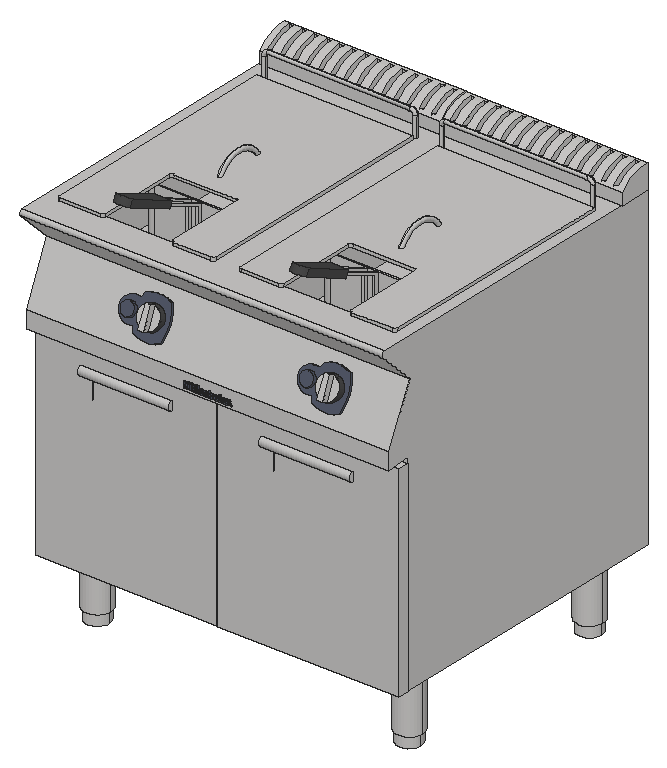
Revit family "QF_ELECTROLUXPROFESSIONAL_371421_E7KKETBAMEI", category Attrezzature speciali, Revit 2018 (continued)
Automatic sketch dimensions
  curve 179 to curve 180 = 0 mm
  curve 180 to curve 181 = 0 mm
  curve 181 to curve 182 = 0 mm
  curve 182 to curve 183 = 0 mm
  plane 1 "BACK" to curve 184 = 63.911 mm
  curve 171 to curve 185 = 0 mm
  curve 186 to curve 184 = 0 mm
  curve 187 to curve 186 = 0 mm
  curve 188 to curve 187 = 0 mm
  curve 189 to curve 188 = 0 mm
  curve 190 to curve 189 = 0 mm
  curve 191 to curve 190 = 0 mm
  curve 192 to curve 191 = 0 mm
  curve 193 to curve 192 = 0 mm
  curve 194 to curve 193 = 0 mm
  curve 195 to curve 194 = 0 mm
  curve 196 to curve 195 = 0 mm
  curve 197 to curve 196 = 0 mm
  Extrusion 1 sketch curve to plane 10 "TOP A" = 0 mm
  Extrusion 1 sketch curve to plane 9 "BASE" = 0 mm
  Extrusion 1 sketch curve to plane 14 = 0 mm  (x2)
  Extrusion 1 sketch curve to plane 1 "BACK" = 0 mm
  plane 11 to Extrusion 1 sketch curve = 59.531 mm
  plane 9 "BASE" to Extrusion 1 sketch curve = 12.7 mm
  plane 11 to Extrusion 1 sketch curve = 62.516 mm
  Extrusion 1 sketch curve to Extrusion 1 sketch curve = 1.588 mm
  Extrusion 1 sketch curve to Extrusion 1 sketch curve = 25.4 mm
  Extrusion 1 sketch curve to plane 5 "FRONT" = 16.478 mm
  Extrusion 1 sketch curve to plane 5 "FRONT" = 4.973 mm
  Extrusion 1 sketch curve to plane 5 "FRONT" = 0.483 mm
  plane 9 "BASE" to Extrusion 1 sketch curve = 7.09 mm
  Extrusion 1 sketch curve to Extrusion 1 sketch curve = 38.1 mm
  Extrusion 1 sketch curve to plane 10 "TOP A" = 83.191 mm
  Extrusion 1 sketch curve to plane 10 "TOP A" = 10.84 mm
  Extrusion 2 sketch curve to plane 10 "TOP A" = 0 mm
  Extrusion 2 sketch curve to plane 1 "BACK" = 0 mm
  Extrusion 2 sketch curve to plane 6 "TOP" = 0 mm
  plane 1 "BACK" to Extrusion 2 sketch curve = 1.769 mm
  plane 10 "TOP A" to Extrusion 2 sketch curve = 25.4 mm
  plane 1 "BACK" to Extrusion 2 sketch curve = 69.85 mm
  plane 12 to Extrusion 3 sketch curve = 0.124 mm  (x2)
  Extrusion 3 sketch curve to plane 4 "RIGHT" = 33.338 mm
  plane 7 "Center Y" to Extrusion 3 sketch curve = 26.988 mm
  Extrusion 3 sketch curve to plane 7 "Center Y" = 26.988 mm
  plane 3 "LEFT" to Extrusion 3 sketch curve = 33.338 mm
  plane 11 to Extrusion 3 sketch curve = 57.877 mm
  Extrusion 3 sketch curve to Extrusion 3 sketch curve = 0 mm
  plane 1 "BACK" to Extrusion 4 sketch curve = 6.761 mm
  plane 3 "LEFT" to Extrusion 4 sketch curve = 22.749 mm
  Extrusion 4 sketch curve to Extrusion 4 sketch curve = 9.296 mm
  Extrusion 4 sketch curve to Extrusion 4 sketch curve = 57.15 mm
  plane 1 "BACK" to Extrusion 5 sketch curve = 0 mm
  Extrusion 5 sketch curve to plane 3 "LEFT" = 0 mm
  Extrusion 5 sketch curve to plane 4 "RIGHT" = 0 mm
  Extrusion 5 sketch curve to plane 3 "LEFT" = 150.019 mm
  plane 5 "FRONT" to Extrusion 5 sketch curve = 1.377 mm  (x2)
  plane 4 "RIGHT" to Extrusion 5 sketch curve = 150.019 mm
  Extrusion 5 sketch curve to plane 1 "BACK" = 150.019 mm
  curve 168 to plane 4 "RIGHT" = 0 mm
  curve 7 to plane 4 "RIGHT" = 0 mm
  plane 5 "FRONT" to curve 169 = 0 mm
  plane 1 "BACK" to curve 163 = 0 mm
  curve 6 to plane 3 "LEFT" = 0 mm
  curve 166 to plane 3 "LEFT" = 0 mm
  plane 4 "RIGHT" to curve 3 = 150.019 mm
  curve 122 to curve 121 = 9.296 mm
  curve 56 to plane 4 "RIGHT" = 26.987 mm
  curve 44 to curve 44 = 6.35 mm
  curve 43 to curve 78 = 10.61 mm
  plane 1 "BACK" to curve 129 = 6.761 mm
  curve 121 to curve 129 = 18.547 mm
  curve 128 to curve 127 = 9.296 mm
  curve 127 to curve 131 = 18.547 mm
  curve 169 to plane 4 "RIGHT" = 74.24 mm
  curve 131 to curve 132 = 9.296 mm
  curve 130 to curve 134 = 18.547 mm
  curve 169 to curve 46 = 47.997 mm
  curve 48 to plane 4 "RIGHT" = 128.587 mm
  curve 47 to curve 48 = 6.35 mm
  plane 1 "BACK" to curve 140 = 6.761 mm
  curve 136 to curve 140 = 18.547 mm
  curve 140 to curve 139 = 9.296 mm
  curve 47 to curve 67 = 54.879 mm
  curve 60 to curve 67 = 0 mm
  curve 60 to curve 67 = 3.442 mm
  curve 143 to curve 142 = 9.296 mm
  curve 58 to curve 64 = 4.079 mm
  curve 48 to curve 68 = 60.633 mm
  curve 64 to curve 63 = 5.857 mm
  curve 68 to curve 70 = 4.449 mm
  curve 67 to curve 60 = 18.617 mm
  curve 67 to curve 60 = 0 mm
  curve 63 to curve 66 = 17.363 mm
  curve 146 to curve 147 = 9.296 mm
  curve 66 to curve 65 = 5.857 mm
  curve 61 to curve 62 = 37.235 mm
  plane 1 "BACK" to curve 150 = 6.761 mm
  curve 145 to curve 150 = 18.547 mm
  curve 149 to curve 148 = 9.296 mm
  curve 65 to curve 50 = 51.399 mm
  curve 152 to curve 151 = 9.296 mm
  curve 62 to curve 62 = 53.67 mm
  curve 51 to curve 53 = 6.35 mm
  plane 1 "BACK" to curve 156 = 6.761 mm
  curve 151 to curve 156 = 18.547 mm
  curve 155 to curve 156 = 9.296 mm
  curve 158 to curve 159 = 9.296 mm
  plane 7 "Center Y" to curve 169 = 54.971 mm
  curve 157 to curve 161 = 18.547 mm
  curve 161 to curve 160 = 9.296 mm
  plane 7 "Center Y" to curve 53 = 33.338 mm
  plane 7 "Center Y" to curve 79 = 28.891 mm
  curve 54 to curve 54 = 6.35 mm
  curve 160 to curve 125 = 18.547 mm
  curve 125 to curve 124 = 9.296 mm
  plane 7 "Center Y" to curve 168 = 3.9 mm
  plane 7 "Center Y" to curve 163 = 1.588 mm
  curve 164 to plane 7 "Center Y" = 1.587 mm
  curve 166 to plane 7 "Center Y" = 3.9 mm
  plane 1 "BACK" to curve 82 = 6.761 mm
  curve 164 to curve 82 = 13.764 mm
  curve 24 to plane 7 "Center Y" = 26.988 mm
  curve 23 to curve 77 = 1.903 mm
  curve 22 to curve 22 = 6.35 mm
  curve 83 to curve 118 = 18.547 mm
  curve 118 to curve 120 = 9.296 mm
  curve 167 to plane 7 "Center Y" = 54.971 mm
  curve 116 to curve 112 = 18.547 mm
  curve 112 to curve 113 = 9.296 mm
  curve 22 to curve 20 = 82.55 mm
  curve 18 to plane 7 "Center Y" = 122.238 mm
  plane 1 "BACK" to curve 109 = 6.761 mm
  curve 113 to curve 109 = 18.547 mm
  curve 18 to curve 17 = 6.35 mm
  curve 109 to curve 110 = 9.296 mm
  plane 1 "BACK" to curve 108 = 6.761 mm
  curve 110 to curve 108 = 18.547 mm
  curve 106 to curve 107 = 9.296 mm
  curve 27 to plane 11 = 5.711 mm
  curve 19 to curve 27 = 53.67 mm
  curve 26 to curve 34 = 4.079 mm
  curve 107 to curve 103 = 18.547 mm
  curve 34 to curve 35 = 5.857 mm
  curve 103 to curve 104 = 9.296 mm
  curve 36 to curve 36 = 18.617 mm
  curve 29 to curve 36 = 0 mm
  plane 8 "Center X" to curve 38 = 38.031 mm
  curve 18 to curve 38 = 66.994 mm
  curve 40 to curve 40 = 4.449 mm
  curve 35 to curve 32 = 17.363 mm
  curve 32 to curve 33 = 5.857 mm
  plane 1 "BACK" to curve 102 = 6.761 mm
  curve 104 to curve 102 = 18.547 mm
  curve 33 to curve 28 = 4.079 mm
  curve 36 to curve 36 = 3.442 mm
  curve 36 to curve 29 = 3.442 mm
  curve 100 to curve 101 = 9.296 mm
  curve 101 to curve 97 = 18.547 mm
  curve 97 to curve 99 = 9.296 mm
  curve 33 to curve 17 = 56.049 mm
  plane 1 "BACK" to curve 94 = 6.761 mm
  curve 98 to curve 94 = 18.547 mm
  curve 16 to curve 15 = 6.35 mm
  curve 94 to curve 95 = 9.296 mm
  curve 15 to curve 14 = 6.35 mm
  curve 95 to curve 91 = 18.547 mm
  plane 1 "BACK" to curve 88 = 6.761 mm
  curve 92 to curve 88 = 18.547 mm
  curve 167 to curve 5 = 74.24 mm
  curve 88 to curve 90 = 9.296 mm
  plane 3 "LEFT" to curve 75 = 37.598 mm
  plane 3 "LEFT" to curve 12 = 33.338 mm
  curve 75 to curve 11 = 10.61 mm
  curve 8 to curve 9 = 9.296 mm
  plane 5 "FRONT" to curve 1 = 1.377 mm
  curve 1 to plane 3 "LEFT" = 150.019 mm
  curve 1 to plane 1 "BACK" = 150.019 mm
  plane 1 "BACK" to curve 162 = 6.761 mm
  plane 1 "BACK" to curve 98 = 6.761 mm
  plane 1 "BACK" to curve 8 = 6.761 mm
  plane 1 "BACK" to curve 93 = 6.761 mm
  plane 1 "BACK" to curve 159 = 6.761 mm
  plane 1 "BACK" to curve 87 = 6.761 mm
  plane 1 "BACK" to curve 153 = 6.761 mm
  plane 1 "BACK" to curve 147 = 6.761 mm
  plane 1 "BACK" to curve 103 = 6.761 mm
  plane 1 "BACK" to curve 144 = 6.761 mm
  plane 1 "BACK" to curve 138 = 6.761 mm
  plane 1 "BACK" to curve 112 = 6.761 mm
  plane 1 "BACK" to curve 135 = 6.761 mm
  plane 1 "BACK" to curve 115 = 6.761 mm
  plane 1 "BACK" to curve 132 = 6.761 mm
  plane 1 "BACK" to curve 118 = 6.761 mm
  plane 1 "BACK" to curve 121 = 6.761 mm
  plane 1 "BACK" to curve 126 = 6.761 mm
  curve 125 to curve 125 = 57.15 mm
  curve 127 to curve 121 = 0 mm
  curve 130 to curve 127 = 0 mm
  curve 133 to curve 130 = 0 mm
  curve 136 to curve 133 = 0 mm
  curve 139 to curve 136 = 0 mm
  curve 142 to curve 139 = 0 mm
  curve 145 to curve 142 = 0 mm
  curve 118 to curve 82 = 0 mm
  curve 148 to curve 145 = 0 mm
  curve 8 to curve 85 = 0 mm
  curve 151 to curve 148 = 0 mm
  curve 85 to curve 88 = 0 mm
  curve 154 to curve 151 = 0 mm
  curve 88 to curve 91 = 0 mm
  curve 157 to curve 154 = 0 mm
  curve 94 to curve 98 = 0 mm
  curve 125 to curve 160 = 0 mm
  curve 82 to curve 164 = 5.939 mm
  curve 25 to curve 165 = 0 mm
  curve 125 to curve 78 = 36.504 mm
  curve 83 to curve 77 = 36.504 mm
  curve 74 to curve 75 = 7.655 mm
  curve 78 to curve 79 = 7.655 mm
  curve 79 to curve 56 = 4.767 mm
  curve 75 to curve 11 = 4.767 mm
  plane 8 "Center X" to curve 71 = 38.031 mm
  curve 37 to plane 8 "Center X" = 63.432 mm
  curve 70 to plane 8 "Center X" = 63.432 mm
  curve 69 to curve 50 = 46.229 mm
  curve 37 to curve 16 = 46.229 mm
  curve 50 to curve 72 = 22.324 mm
  curve 16 to curve 41 = 22.324 mm
  curve 72 to curve 73 = 3.175 mm
  curve 41 to curve 42 = 3.175 mm
  curve 66 to plane 11 = 5.711 mm
  plane 11 to curve 55 = 57.877 mm
  plane 11 to curve 19 = 57.877 mm
  plane 11 to curve 43 = 57.877 mm
  plane 11 to curve 15 = 57.877 mm
  curve 11 to curve 166 = 31.626 mm
  curve 43 to curve 168 = 31.626 mm
  curve 30 to curve 36 = 33.188 mm
  curve 61 to curve 67 = 33.188 mm
  curve 67 to curve 60 = 6.713 mm
  curve 36 to curve 29 = 6.713 mm  (x2)
  curve 29 to curve 36 = 4.011 mm
  curve 60 to curve 67 = 4.011 mm
  curve 67 to curve 59 = 6.713 mm
  plane 5 "FRONT" to curve 3 = 1.377 mm
  Extrusion 6 sketch curve to plane 4 "RIGHT" = 26.988 mm
  Extrusion 6 sketch curve to Extrusion 6 sketch curve = 6.35 mm  (x8)
  Extrusion 6 sketch curve to Extrusion 6 sketch curve = 88.9 mm
  Extrusion 6 sketch curve to plane 4 "RIGHT" = 128.588 mm
  plane 7 "Center Y" to Extrusion 6 sketch curve = 128.588 mm
  plane 11 to Extrusion 6 sketch curve = 57.877 mm  (x4)
  plane 7 "Center Y" to Extrusion 6 sketch curve = 122.238 mm
  plane 7 "Center Y" to Extrusion 6 sketch curve = 33.338 mm
  Extrusion 6 sketch curve to plane 7 "Center Y" = 26.988 mm
  Extrusion 6 sketch curve to Extrusion 6 sketch curve = 82.55 mm
  plane 3 "LEFT" to Extrusion 6 sketch curve = 134.938 mm
  plane 3 "LEFT" to Extrusion 6 sketch curve = 128.588 mm
  plane 3 "LEFT" to Extrusion 6 sketch curve = 33.338 mm
  plane 3 "LEFT" to Extrusion 6 sketch curve = 26.988 mm
  Extrusion 6 sketch curve to plane 8 "Center X" = 116.012 mm  (x2)
  Extrusion 6 sketch curve to plane 12 = 34.801 mm  (x2)
  Sweep 7 sketch curve to plane 10 "TOP A" = 0 mm  (x2)
  Sweep 7 sketch curve to plane 6 "TOP" = 9.525 mm
  plane 3 "LEFT" to Sweep 7 sketch curve = 39.688 mm
  Sweep 7 sketch curve to Sweep 7 sketch curve = 6.35 mm  (x2)
  Sweep 7 sketch curve to plane 7 "Center Y" = 37.331 mm
  Sweep 7 sketch curve to profile plane = 2.09 mm
  profile plane to Sweep 7 sketch curve = 140.754 mm
  Extrusion 8 sketch curve to plane 7 "Center Y" = 175.907 mm
  Extrusion 8 sketch curve to Extrusion 8 sketch curve = 0 mm
  Extrusion 8 sketch curve to Extrusion 8 sketch curve = 11.832 mm
  Extrusion 8 sketch curve to Extrusion 8 sketch curve = 106.78 mm
  Extrusion 8 sketch curve to Extrusion 8 sketch curve = 18.617 mm
  Extrusion 9 sketch curve to plane 11 = 1.013 mm
  Extrusion 9 sketch curve to plane 11 = 3.696 mm
  Extrusion 9 sketch curve to plane 10 "TOP A" = 11.567 mm
  Extrusion 9 sketch curve to plane 11 = 84.899 mm
  Extrusion 9 sketch curve to plane 10 "TOP A" = 7.522 mm
  Extrusion 9 sketch curve to Extrusion 9 sketch curve = 6.35 mm
  Extrusion 9 sketch curve to Extrusion 9 sketch curve = 97.432 mm
  Extrusion 10 sketch curve to plane 11 = 1.013 mm
  Extrusion 10 sketch curve to plane 11 = 3.696 mm
  Extrusion 10 sketch curve to plane 10 "TOP A" = 11.567 mm
  Extrusion 10 sketch curve to plane 11 = 84.899 mm
  Extrusion 10 sketch curve to Extrusion 10 sketch curve = 6.35 mm
  Extrusion 10 sketch curve to plane 10 "TOP A" = 7.522 mm
  Extrusion 10 sketch curve to Extrusion 10 sketch curve = 97.432 mm
  Sweep 11 sketch curve to plane 10 "TOP A" = 0 mm  (x2)
  Sweep 11 sketch curve to plane 8 "Center X" = 67.263 mm
  Sweep 11 sketch curve to plane 8 "Center X" = 12.824 mm
  Sweep 11 sketch curve to plane 10 "TOP A" = 26.978 mm
  Sweep 11 sketch curve to profile plane = 0 mm  (x2)
  Sweep 12 sketch curve to plane 10 "TOP A" = 0 mm  (x2)
  Sweep 12 sketch curve to plane 8 "Center X" = 67.263 mm
  Sweep 12 sketch curve to plane 8 "Center X" = 12.824 mm
  Sweep 12 sketch curve to plane 10 "TOP A" = 26.978 mm
  Sweep 12 sketch curve to profile plane = 0 mm
  profile plane to Sweep 12 sketch curve = 0 mm
  plane 7 "Center Y" to Extrusion 13 sketch curve = 175.907 mm
  Extrusion 13 sketch curve to Extrusion 13 sketch curve = 0 mm
  Extrusion 13 sketch curve to Extrusion 13 sketch curve = 11.832 mm
  Extrusion 13 sketch curve to Extrusion 13 sketch curve = 106.78 mm
  Extrusion 13 sketch curve to Extrusion 13 sketch curve = 18.617 mm
  Extrusion 14 sketch curve to Extrusion 14 sketch curve = 0 mm  (x16)
  Extrusion 14 sketch curve to plane 4 "RIGHT" = 91.225 mm
  Extrusion 14 sketch curve to Extrusion 14 sketch curve = 3.175 mm  (x2)
  Extrusion 14 sketch curve to Extrusion 14 sketch curve = 22.225 mm  (x6)
  plane 7 "Center Y" to Extrusion 14 sketch curve = 105.625 mm  (x2)
  plane 12 to Extrusion 14 sketch curve = 44.673 mm
  Extrusion 14 sketch curve to plane 7 "Center Y" = 80.225 mm
  plane 3 "LEFT" to Extrusion 14 sketch curve = 116.625 mm  (x2)
  plane 12 to Extrusion 14 sketch curve = 41.498 mm
  Extrusion 14 sketch curve to plane 8 "Center X" = 116.11 mm  (x2)
  Extrusion 15 sketch curve to plane 11 = 1.013 mm
  Extrusion 15 sketch curve to plane 11 = 3.696 mm
  Extrusion 15 sketch curve to plane 10 "TOP A" = 11.567 mm
  Extrusion 15 sketch curve to plane 11 = 84.899 mm
  Extrusion 15 sketch curve to plane 10 "TOP A" = 7.522 mm
  Extrusion 15 sketch curve to Extrusion 15 sketch curve = 6.35 mm
  Extrusion 15 sketch curve to Extrusion 15 sketch curve = 97.432 mm
  Extrusion 16 sketch curve to plane 11 = 1.013 mm
  Extrusion 16 sketch curve to plane 11 = 3.696 mm
  Extrusion 16 sketch curve to plane 10 "TOP A" = 11.567 mm
  Extrusion 16 sketch curve to plane 11 = 84.899 mm
  Extrusion 16 sketch curve to Extrusion 16 sketch curve = 6.35 mm
  Extrusion 16 sketch curve to Extrusion 16 sketch curve = 97.432 mm
  Extrusion 16 sketch curve to plane 10 "TOP A" = 7.522 mm
  Sweep 17 sketch curve to plane 10 "TOP A" = 0 mm  (x2)
  Sweep 17 sketch curve to plane 6 "TOP" = 9.525 mm
  Sweep 17 sketch curve to plane 4 "RIGHT" = 39.688 mm
  Sweep 17 sketch curve to Sweep 17 sketch curve = 6.35 mm  (x2)
  plane 7 "Center Y" to Sweep 17 sketch curve = 37.331 mm
  profile plane to Sweep 17 sketch curve = 2.09 mm
  profile plane to Sweep 17 sketch curve = 140.754 mm
  plane 1 "BACK" to Extrusion 18 sketch curve = 6.761 mm
  Extrusion 18 sketch curve to plane 7 "Center Y" = 15.351 mm
  Extrusion 18 sketch curve to Extrusion 18 sketch curve = 9.296 mm
  Extrusion 18 sketch curve to Extrusion 18 sketch curve = 57.15 mm
  plane 1 "BACK" to Extrusion 19 sketch curve = 6.761 mm
  plane 3 "LEFT" to Extrusion 19 sketch curve = 50.591 mm
  Extrusion 19 sketch curve to Extrusion 19 sketch curve = 9.296 mm
  Extrusion 19 sketch curve to Extrusion 19 sketch curve = 57.15 mm
  plane 1 "BACK" to Extrusion 20 sketch curve = 6.761 mm
  plane 3 "LEFT" to Extrusion 20 sketch curve = 78.433 mm
  Extrusion 20 sketch curve to Extrusion 20 sketch curve = 9.296 mm
  Extrusion 20 sketch curve to Extrusion 20 sketch curve = 57.15 mm
  plane 1 "BACK" to Extrusion 21 sketch curve = 6.761 mm
  plane 3 "LEFT" to Extrusion 21 sketch curve = 106.275 mm
  Extrusion 21 sketch curve to Extrusion 21 sketch curve = 9.296 mm
  Extrusion 21 sketch curve to Extrusion 21 sketch curve = 57.15 mm
  plane 1 "BACK" to Extrusion 22 sketch curve = 6.761 mm
  plane 3 "LEFT" to Extrusion 22 sketch curve = 134.118 mm
  Extrusion 22 sketch curve to Extrusion 22 sketch curve = 9.296 mm
  Extrusion 22 sketch curve to Extrusion 22 sketch curve = 57.15 mm
  plane 1 "BACK" to Extrusion 23 sketch curve = 6.761 mm
  plane 3 "LEFT" to Extrusion 23 sketch curve = 161.96 mm
  Extrusion 23 sketch curve to Extrusion 23 sketch curve = 9.296 mm
  Extrusion 23 sketch curve to Extrusion 23 sketch curve = 57.15 mm
  plane 1 "BACK" to Extrusion 24 sketch curve = 6.761 mm
  plane 3 "LEFT" to Extrusion 24 sketch curve = 189.802 mm
  Extrusion 24 sketch curve to Extrusion 24 sketch curve = 9.296 mm
  Extrusion 24 sketch curve to Extrusion 24 sketch curve = 57.15 mm
  plane 1 "BACK" to Extrusion 25 sketch curve = 6.761 mm
  Extrusion 25 sketch curve to plane 7 "Center Y" = 182.405 mm
  Extrusion 25 sketch curve to Extrusion 25 sketch curve = 9.296 mm
  Extrusion 25 sketch curve to Extrusion 25 sketch curve = 57.15 mm
  plane 1 "BACK" to Extrusion 26 sketch curve = 6.761 mm
  Extrusion 26 sketch curve to plane 7 "Center Y" = 154.563 mm
  Extrusion 26 sketch curve to Extrusion 26 sketch curve = 9.296 mm
  Extrusion 26 sketch curve to Extrusion 26 sketch curve = 57.15 mm
  plane 1 "BACK" to Extrusion 27 sketch curve = 6.761 mm
  Extrusion 27 sketch curve to plane 7 "Center Y" = 126.721 mm
  Extrusion 27 sketch curve to Extrusion 27 sketch curve = 9.296 mm
  Extrusion 27 sketch curve to Extrusion 27 sketch curve = 57.15 mm
  plane 1 "BACK" to Extrusion 28 sketch curve = 6.761 mm
  Extrusion 28 sketch curve to plane 7 "Center Y" = 98.878 mm
  Extrusion 28 sketch curve to Extrusion 28 sketch curve = 9.296 mm
  Extrusion 28 sketch curve to Extrusion 28 sketch curve = 57.15 mm
  plane 1 "BACK" to Extrusion 29 sketch curve = 6.761 mm
  Extrusion 29 sketch curve to plane 7 "Center Y" = 71.036 mm
  Extrusion 29 sketch curve to Extrusion 29 sketch curve = 9.296 mm
  Extrusion 29 sketch curve to Extrusion 29 sketch curve = 57.15 mm
  plane 1 "BACK" to Extrusion 30 sketch curve = 6.761 mm
  Extrusion 30 sketch curve to plane 7 "Center Y" = 43.194 mm
  Extrusion 30 sketch curve to Extrusion 30 sketch curve = 9.296 mm
  Extrusion 30 sketch curve to Extrusion 30 sketch curve = 57.15 mm
  Extrusion 31 sketch curve to plane 1 "BACK" = 6.761 mm
  plane 4 "RIGHT" to Extrusion 31 sketch curve = 22.749 mm
  Extrusion 31 sketch curve to Extrusion 31 sketch curve = 9.296 mm
  Extrusion 31 sketch curve to Extrusion 31 sketch curve = 57.15 mm
  Extrusion 32 sketch curve to plane 1 "BACK" = 6.761 mm
  Extrusion 32 sketch curve to plane 7 "Center Y" = 15.351 mm
  Extrusion 32 sketch curve to Extrusion 32 sketch curve = 9.296 mm
  Extrusion 32 sketch curve to Extrusion 32 sketch curve = 57.15 mm
  Extrusion 33 sketch curve to plane 1 "BACK" = 6.761 mm
  plane 4 "RIGHT" to Extrusion 33 sketch curve = 50.591 mm
  Extrusion 33 sketch curve to Extrusion 33 sketch curve = 9.296 mm
  Extrusion 33 sketch curve to Extrusion 33 sketch curve = 57.15 mm
  Extrusion 34 sketch curve to plane 1 "BACK" = 6.761 mm
  plane 4 "RIGHT" to Extrusion 34 sketch curve = 78.433 mm
  Extrusion 34 sketch curve to Extrusion 34 sketch curve = 9.296 mm
  Extrusion 34 sketch curve to Extrusion 34 sketch curve = 57.15 mm
  Extrusion 35 sketch curve to plane 1 "BACK" = 6.761 mm
  plane 4 "RIGHT" to Extrusion 35 sketch curve = 106.275 mm
  Extrusion 35 sketch curve to Extrusion 35 sketch curve = 9.296 mm
  Extrusion 35 sketch curve to Extrusion 35 sketch curve = 57.15 mm
  Extrusion 36 sketch curve to plane 1 "BACK" = 6.761 mm
  plane 4 "RIGHT" to Extrusion 36 sketch curve = 134.118 mm
  Extrusion 36 sketch curve to Extrusion 36 sketch curve = 9.296 mm
  Extrusion 36 sketch curve to Extrusion 36 sketch curve = 57.15 mm
  Extrusion 37 sketch curve to plane 1 "BACK" = 6.761 mm
  plane 4 "RIGHT" to Extrusion 37 sketch curve = 161.96 mm
  Extrusion 37 sketch curve to Extrusion 37 sketch curve = 9.296 mm
  Extrusion 37 sketch curve to Extrusion 37 sketch curve = 57.15 mm
  Extrusion 38 sketch curve to plane 1 "BACK" = 6.761 mm
  plane 4 "RIGHT" to Extrusion 38 sketch curve = 189.802 mm
  Extrusion 38 sketch curve to Extrusion 38 sketch curve = 9.296 mm
  Extrusion 38 sketch curve to Extrusion 38 sketch curve = 57.15 mm
  Extrusion 39 sketch curve to plane 1 "BACK" = 6.761 mm
  Extrusion 39 sketch curve to plane 7 "Center Y" = 182.405 mm
  Extrusion 39 sketch curve to Extrusion 39 sketch curve = 9.296 mm
  Extrusion 39 sketch curve to Extrusion 39 sketch curve = 57.15 mm
  Extrusion 40 sketch curve to plane 1 "BACK" = 6.761 mm
  Extrusion 40 sketch curve to plane 7 "Center Y" = 154.563 mm
  Extrusion 40 sketch curve to Extrusion 40 sketch curve = 9.296 mm
  Extrusion 40 sketch curve to Extrusion 40 sketch curve = 57.15 mm
  Extrusion 41 sketch curve to plane 1 "BACK" = 6.761 mm
  Extrusion 41 sketch curve to plane 7 "Center Y" = 126.721 mm
  Extrusion 41 sketch curve to Extrusion 41 sketch curve = 9.296 mm
  Extrusion 41 sketch curve to Extrusion 41 sketch curve = 57.15 mm
  Extrusion 42 sketch curve to plane 1 "BACK" = 6.761 mm
  Extrusion 42 sketch curve to plane 7 "Center Y" = 98.878 mm
  Extrusion 42 sketch curve to Extrusion 42 sketch curve = 9.296 mm
  Extrusion 42 sketch curve to Extrusion 42 sketch curve = 57.15 mm
  Extrusion 43 sketch curve to plane 1 "BACK" = 6.761 mm
  Extrusion 43 sketch curve to plane 7 "Center Y" = 71.036 mm
  Extrusion 43 sketch curve to Extrusion 43 sketch curve = 9.296 mm
  Extrusion 43 sketch curve to Extrusion 43 sketch curve = 57.15 mm
  Extrusion 44 sketch curve to plane 1 "BACK" = 6.761 mm
  Extrusion 44 sketch curve to plane 7 "Center Y" = 43.194 mm
  Extrusion 44 sketch curve to Extrusion 44 sketch curve = 9.296 mm
  Extrusion 44 sketch curve to Extrusion 44 sketch curve = 57.15 mm
  plane 1 "BACK" to Extrusion 45 sketch curve = 0 mm
  plane 7 "Center Y" to Extrusion 45 sketch curve = 1.587 mm
  Extrusion 45 sketch curve to plane 7 "Center Y" = 1.588 mm
  Extrusion 45 sketch curve to plane 1 "BACK" = 69.85 mm
  Extrusion 46 sketch curve to Extrusion 1 = 0 mm
  Extrusion 1 to Extrusion 46 sketch curve = 12.7 mm
  Extrusion 1 to Extrusion 46 sketch curve = 398.463 mm
  Extrusion 46 sketch curve to Extrusion 46 sketch curve = 3.175 mm
  Extrusion 47 sketch curve to plane 5 "FRONT" = 42.863 mm
  Extrusion 47 sketch curve to Extrusion 47 sketch curve = 15 mm
  Extrusion 47 sketch curve to plane 9 "BASE" = 101.212 mm
  Extrusion 47 sketch curve to Extrusion 47 sketch curve = 41.212 mm
  Extrusion 48 sketch curve to plane 5 "FRONT" = 42.863 mm
  Extrusion 48 sketch curve to plane 9 "BASE" = 60 mm
  Extrusion 48 sketch curve to Extrusion 48 sketch curve = 10 mm
  Extrusion 49 sketch curve to plane 5 "FRONT" = 42.863 mm
  Extrusion 49 sketch curve to Extrusion 49 sketch curve = 15 mm
  Extrusion 49 sketch curve to plane 9 "BASE" = 60 mm
  Extrusion 49 sketch curve to Extrusion 49 sketch curve = 41.212 mm
  Extrusion 50 sketch curve to plane 5 "FRONT" = 42.863 mm
  Extrusion 50 sketch curve to plane 9 "BASE" = 40 mm
  Extrusion 50 sketch curve to Extrusion 50 sketch curve = 10 mm
  Revolve 51 sketch curve to level = 0 mm
  Revolve 51 sketch curve to plane 14 = 0 mm  (x2)
  level to Revolve 51 sketch curve = 25 mm
  Revolve 51 sketch curve to Revolve 51 sketch curve = 20 mm
  plane 3 "LEFT" to Revolve 51 sketch curve = 56 mm
  Revolve 51 sketch curve to Revolve 51 sketch curve = 0 mm
  plane 3 "LEFT" to Revolve 51 sketch curve = 29.75 mm
  plane 3 "LEFT" to Revolve 51 sketch curve = 26 mm
  Revolve 52 sketch curve to level = 0 mm
  Revolve 52 sketch curve to plane 14 = 0 mm  (x2)
  level to Revolve 52 sketch curve = 25 mm
  Revolve 52 sketch curve to Revolve 52 sketch curve = 20 mm
  plane 3 "LEFT" to Revolve 52 sketch curve = 56 mm
  Revolve 52 sketch curve to Revolve 52 sketch curve = 0 mm
  plane 3 "LEFT" to Revolve 52 sketch curve = 29.75 mm
  plane 3 "LEFT" to Revolve 52 sketch curve = 26 mm
  Revolve 53 sketch curve to level = 0 mm
  Revolve 53 sketch curve to plane 14 = 0 mm  (x2)
  level to Revolve 53 sketch curve = 25 mm
  Revolve 53 sketch curve to Revolve 53 sketch curve = 20 mm
  Revolve 53 sketch curve to plane 4 "RIGHT" = 26 mm
  Revolve 53 sketch curve to Revolve 53 sketch curve = 3.75 mm
  Revolve 53 sketch curve to Revolve 53 sketch curve = 30 mm
  Revolve 53 sketch curve to Revolve 53 sketch curve = 0 mm
  Revolve 54 sketch curve to level = 0 mm
  Revolve 54 sketch curve to plane 14 = 0 mm  (x2)
  level to Revolve 54 sketch curve = 25 mm
  Revolve 54 sketch curve to Revolve 54 sketch curve = 20 mm
  Revolve 54 sketch curve to plane 4 "RIGHT" = 26 mm
  Revolve 54 sketch curve to Revolve 54 sketch curve = 3.75 mm
  Revolve 54 sketch curve to Revolve 54 sketch curve = 30 mm
  Revolve 54 sketch curve to Revolve 54 sketch curve = 0 mm
  Extrusion 55 sketch curve to plane 4 "RIGHT" = 0 mm
  Extrusion 55 sketch curve to plane 3 "LEFT" = 0 mm
  plane 7 "Center Y" to Extrusion 55 sketch curve = 1.588 mm
  Extrusion 55 sketch curve to plane 7 "Center Y" = 1.588 mm
  Extrusion 55 sketch curve to plane 5 "FRONT" = 42.863 mm  (x2)
  Extrusion 57 sketch curve to Extrusion 57 sketch curve = 0 mm  (x3)
  Extrusion 57 sketch curve to plane 7 "Center Y" = 111.042 mm
  Extrusion 57 sketch curve to Extrusion 57 sketch curve = 11.296 mm
  Extrusion 57 sketch curve to Extrusion 57 sketch curve = 12.3 mm  (x2)
  Extrusion 57 sketch curve to Extrusion 57 sketch curve = 23.629 mm
  Extrusion 57 sketch curve to Extrusion 57 sketch curve = 34.925 mm
  Extrusion 57 sketch curve to Extrusion 57 sketch curve = 2.988 mm
  Extrusion 57 sketch curve to Extrusion 57 sketch curve = 2.215 mm
  Extrusion 57 sketch curve to Extrusion 57 sketch curve = 10.084 mm
  Extrusion 57 sketch curve to Extrusion 57 sketch curve = 23.66 mm
  Extrusion 57 sketch curve to Extrusion 57 sketch curve = 25.727 mm
  Extrusion 57 sketch curve to Extrusion 57 sketch curve = 30.616 mm
  Extrusion 57 sketch curve to Extrusion 57 sketch curve = 28.523 mm
  Extrusion 57 sketch curve to Extrusion 57 sketch curve = 13.477 mm
  Extrusion 58 sketch curve to Extrusion 57 = 26.197 mm
  Extrusion 59 sketch curve to Extrusion 59 sketch curve = 24.732 mm
  Extrusion 59 sketch curve to Extrusion 59 sketch curve = 0 mm
  Extrusion 60 sketch curve to Extrusion 57 = 26.197 mm
  Extrusion 61 sketch curve to Extrusion 61 sketch curve = 0 mm  (x3)
  Extrusion 61 sketch curve to plane 4 "RIGHT" = 116.092 mm
  Extrusion 61 sketch curve to Extrusion 61 sketch curve = 11.296 mm
  Extrusion 61 sketch curve to Extrusion 61 sketch curve = 12.3 mm  (x2)
  Extrusion 61 sketch curve to Extrusion 61 sketch curve = 23.629 mm
  Extrusion 61 sketch curve to Extrusion 61 sketch curve = 34.925 mm
  Extrusion 61 sketch curve to Extrusion 61 sketch curve = 2.988 mm
  Extrusion 61 sketch curve to Extrusion 61 sketch curve = 2.215 mm
  Extrusion 61 sketch curve to Extrusion 61 sketch curve = 10.084 mm
  Extrusion 61 sketch curve to Extrusion 61 sketch curve = 23.66 mm
  Extrusion 61 sketch curve to Extrusion 61 sketch curve = 25.727 mm
  Extrusion 61 sketch curve to Extrusion 61 sketch curve = 30.616 mm
  Extrusion 61 sketch curve to Extrusion 61 sketch curve = 28.523 mm
  Extrusion 61 sketch curve to Extrusion 61 sketch curve = 13.477 mm
  Extrusion 62 sketch curve to Extrusion 61 = 26.197 mm
  Extrusion 63 sketch curve to Extrusion 63 sketch curve = 24.732 mm
  Extrusion 63 sketch curve to Extrusion 63 sketch curve = 0 mm
  Extrusion 64 sketch curve to Extrusion 61 = 26.197 mm
  curve 122 to plane 4 "RIGHT" = 13.453 mm
  curve 134 to curve 133 = 9.296 mm
  curve 133 to curve 138 = 18.547 mm
  curve 137 to curve 138 = 9.296 mm
  curve 139 to curve 143 = 18.547 mm
  curve 142 to curve 146 = 18.547 mm
  curve 148 to curve 152 = 18.547 mm
  curve 154 to curve 158 = 18.547 mm
  curve 82 to curve 84 = 9.296 mm
  curve 119 to curve 115 = 18.547 mm
  curve 115 to curve 116 = 9.296 mm
  curve 91 to curve 92 = 9.296 mm
  curve 89 to curve 85 = 18.547 mm
  curve 85 to curve 86 = 9.296 mm
  curve 86 to curve 10 = 18.547 mm
  curve 112 to curve 112 = 57.15 mm
  curve 113 to curve 112 = 0 mm
  curve 112 to curve 115 = 0 mm
  curve 116 to curve 115 = 0 mm
  curve 115 to curve 118 = 0 mm
  curve 110 to curve 113 = 0 mm
  curve 110 to curve 109 = 0 mm
  curve 119 to curve 118 = 0 mm
  curve 121 to curve 165 = 5.939 mm
  curve 121 to curve 122 = 0 mm
  curve 124 to curve 125 = 0 mm
  curve 107 to curve 110 = 0 mm
  curve 107 to curve 106 = 0 mm
  curve 127 to curve 128 = 0 mm
  curve 104 to curve 107 = 0 mm
  curve 104 to curve 103 = 0 mm
  curve 130 to curve 131 = 0 mm
  curve 133 to curve 134 = 0 mm
  curve 101 to curve 104 = 0 mm
  curve 101 to curve 100 = 0 mm
  curve 136 to curve 137 = 0 mm
  curve 139 to curve 140 = 0 mm
  curve 98 to curve 101 = 0 mm
  curve 98 to curve 97 = 0 mm
  curve 142 to curve 143 = 0 mm
  curve 86 to curve 25 = 5.939 mm
  curve 86 to curve 85 = 0 mm
  curve 95 to curve 94 = 0 mm
  curve 145 to curve 146 = 0 mm
  curve 148 to curve 149 = 0 mm
  curve 92 to curve 91 = 0 mm
  curve 151 to curve 152 = 0 mm
  curve 154 to curve 155 = 0 mm
  curve 89 to curve 88 = 0 mm
  curve 9 to curve 8 = 0 mm
  curve 160 to curve 161 = 0 mm
  curve 83 to curve 82 = 0 mm
  curve 157 to curve 158 = 0 mm
  plane 9 "BASE" to Extrusion 65 sketch curve = 9.251 mm
  plane 9 "BASE" to Extrusion 65 sketch curve = 14.292 mm
  plane 7 "Center Y" to Extrusion 65 sketch curve = 5.651 mm
  plane 9 "BASE" to Extrusion 65 sketch curve = 14.311 mm
  Extrusion 65 sketch curve to Extrusion 65 sketch curve = 0 mm  (x28)
  Extrusion 65 sketch curve to Extrusion 65 sketch curve = 5.108 mm  (x2)
  Extrusion 65 sketch curve to Extrusion 65 sketch curve = 0.054 mm
  Extrusion 65 sketch curve to Extrusion 65 sketch curve = 0.218 mm
  Extrusion 65 sketch curve to Extrusion 65 sketch curve = 0.195 mm
  Extrusion 65 sketch curve to Extrusion 65 sketch curve = 0.249 mm
  plane 9 "BASE" to Extrusion 65 sketch curve = 14.608 mm
  Extrusion 65 sketch curve to Extrusion 65 sketch curve = 0.087 mm
  Extrusion 65 sketch curve to Extrusion 65 sketch curve = 0.358 mm
  Extrusion 65 sketch curve to Extrusion 65 sketch curve = 0.481 mm
  Extrusion 65 sketch curve to Extrusion 65 sketch curve = 0.597 mm
  Extrusion 65 sketch curve to Extrusion 65 sketch curve = 0.544 mm
  Extrusion 65 sketch curve to Extrusion 65 sketch curve = 0.936 mm
  Extrusion 65 sketch curve to Extrusion 65 sketch curve = 0.594 mm
  Extrusion 65 sketch curve to Extrusion 65 sketch curve = 0.343 mm
  Extrusion 65 sketch curve to Extrusion 65 sketch curve = 0.159 mm
  Extrusion 65 sketch curve to Extrusion 65 sketch curve = 0.826 mm
  Extrusion 65 sketch curve to Extrusion 65 sketch curve = 0.839 mm
  Extrusion 65 sketch curve to Extrusion 65 sketch curve = 0.852 mm
  Extrusion 65 sketch curve to Extrusion 65 sketch curve = 0.887 mm
  Extrusion 65 sketch curve to Extrusion 65 sketch curve = 0.928 mm
  Extrusion 65 sketch curve to Extrusion 65 sketch curve = 0.938 mm
  Extrusion 65 sketch curve to Extrusion 65 sketch curve = 0.444 mm
  Extrusion 65 sketch curve to Extrusion 65 sketch curve = 1.11 mm  (x3)
  Extrusion 65 sketch curve to Extrusion 65 sketch curve = 0.215 mm
  plane 7 "Center Y" to Extrusion 65 sketch curve = 0.014 mm
  Extrusion 65 sketch curve to Extrusion 65 sketch curve = 1.43 mm
  Extrusion 65 sketch curve to Extrusion 65 sketch curve = 1.188 mm
  Extrusion 65 sketch curve to Extrusion 65 sketch curve = 1.21 mm  (x2)
  Extrusion 65 sketch curve to Extrusion 65 sketch curve = 0.503 mm
  Extrusion 65 sketch curve to Extrusion 65 sketch curve = 0.488 mm
  Extrusion 65 sketch curve to Extrusion 65 sketch curve = 0.462 mm
  Extrusion 65 sketch curve to Extrusion 65 sketch curve = 1.386 mm
  Extrusion 65 sketch curve to Extrusion 65 sketch curve = 1.742 mm  (x2)
  Extrusion 65 sketch curve to Extrusion 65 sketch curve = 0.821 mm
  Extrusion 65 sketch curve to Extrusion 65 sketch curve = 0.497 mm
  Extrusion 65 sketch curve to Extrusion 65 sketch curve = 0.539 mm
  Extrusion 65 sketch curve to Extrusion 65 sketch curve = 0.686 mm
  Extrusion 65 sketch curve to plane 7 "Center Y" = 0.36 mm
  Extrusion 65 sketch curve to Extrusion 65 sketch curve = 0.408 mm
  Extrusion 65 sketch curve to Extrusion 65 sketch curve = 0.743 mm
  Extrusion 65 sketch curve to Extrusion 65 sketch curve = 1.16 mm
  Extrusion 65 sketch curve to Extrusion 65 sketch curve = 0.329 mm
  Extrusion 65 sketch curve to Extrusion 65 sketch curve = 1.054 mm
  Extrusion 65 sketch curve to Extrusion 65 sketch curve = 1.056 mm
  Extrusion 65 sketch curve to Extrusion 65 sketch curve = 0.129 mm
  Extrusion 65 sketch curve to Extrusion 65 sketch curve = 0.489 mm
  Extrusion 65 sketch curve to Extrusion 65 sketch curve = 0.441 mm
  Extrusion 65 sketch curve to Extrusion 65 sketch curve = 1.151 mm
  Extrusion 65 sketch curve to Extrusion 65 sketch curve = 1.141 mm  (x2)
  Extrusion 65 sketch curve to Extrusion 65 sketch curve = 0.768 mm
  Extrusion 65 sketch curve to Extrusion 65 sketch curve = 1.653 mm
  Extrusion 65 sketch curve to Extrusion 65 sketch curve = 0.499 mm
  Extrusion 65 sketch curve to Extrusion 65 sketch curve = 0.964 mm
  Extrusion 65 sketch curve to Extrusion 65 sketch curve = 0.949 mm
  Extrusion 65 sketch curve to Extrusion 65 sketch curve = 1.345 mm  (x2)
  Extrusion 65 sketch curve to Extrusion 65 sketch curve = 0.137 mm  (x2)
  Extrusion 65 sketch curve to Extrusion 65 sketch curve = 0.432 mm
  Extrusion 65 sketch curve to Extrusion 65 sketch curve = 1.142 mm
  Extrusion 65 sketch curve to Extrusion 65 sketch curve = 0.959 mm
  Extrusion 65 sketch curve to Extrusion 65 sketch curve = 0.176 mm
  Extrusion 65 sketch curve to Extrusion 65 sketch curve = 0.728 mm
  Extrusion 65 sketch curve to Extrusion 65 sketch curve = 3.375 mm  (x2)
  Extrusion 65 sketch curve to Extrusion 65 sketch curve = 1.905 mm
  Extrusion 65 sketch curve to Extrusion 65 sketch curve = 0.955 mm
  Extrusion 65 sketch curve to Extrusion 65 sketch curve = 1.251 mm
  Extrusion 65 sketch curve to Extrusion 65 sketch curve = 0.572 mm
  Extrusion 65 sketch curve to Extrusion 65 sketch curve = 1.92 mm
  Extrusion 65 sketch curve to Extrusion 65 sketch curve = 1.224 mm
  Extrusion 65 sketch curve to Extrusion 65 sketch curve = 0.745 mm
  Extrusion 65 sketch curve to Extrusion 65 sketch curve = 0.036 mm
  Extrusion 65 sketch curve to Extrusion 65 sketch curve = 0.896 mm  (x3)
  Extrusion 65 sketch curve to Extrusion 65 sketch curve = 2.607 mm
  Extrusion 65 sketch curve to Extrusion 65 sketch curve = 0.066 mm
  Extrusion 65 sketch curve to Extrusion 65 sketch curve = 0.248 mm
  Extrusion 65 sketch curve to Extrusion 65 sketch curve = 0.449 mm
  Extrusion 65 sketch curve to Extrusion 65 sketch curve = 1.052 mm
  Extrusion 65 sketch curve to Extrusion 65 sketch curve = 1.863 mm
  Extrusion 65 sketch curve to Extrusion 65 sketch curve = 1.31 mm  (x2)
  Extrusion 65 sketch curve to Extrusion 65 sketch curve = 0.901 mm
  Extrusion 65 sketch curve to Extrusion 65 sketch curve = 1.107 mm
  Extrusion 65 sketch curve to Extrusion 65 sketch curve = 2.122 mm
  Extrusion 65 sketch curve to Extrusion 65 sketch curve = 2.101 mm
  Extrusion 65 sketch curve to Extrusion 65 sketch curve = 0.106 mm
  Extrusion 65 sketch curve to Extrusion 65 sketch curve = 0.029 mm
  Extrusion 65 sketch curve to Extrusion 65 sketch curve = 2.09 mm
  Extrusion 65 sketch curve to Extrusion 65 sketch curve = 1.279 mm
  Extrusion 65 sketch curve to Extrusion 65 sketch curve = 2.008 mm
  Extrusion 65 sketch curve to Extrusion 65 sketch curve = 0.738 mm
  Extrusion 65 sketch curve to Extrusion 65 sketch curve = 0.382 mm
  Extrusion 65 sketch curve to Extrusion 65 sketch curve = 0.384 mm
  Extrusion 65 sketch curve to Extrusion 65 sketch curve = 0.002 mm
  Extrusion 65 sketch curve to Extrusion 65 sketch curve = 0.561 mm
  Extrusion 65 sketch curve to Extrusion 65 sketch curve = 0.592 mm
  Extrusion 65 sketch curve to Extrusion 65 sketch curve = 2.692 mm
  Extrusion 65 sketch curve to Extrusion 65 sketch curve = 1.259 mm
  Extrusion 65 sketch curve to Extrusion 65 sketch curve = 0.802 mm
  Extrusion 65 sketch curve to Extrusion 65 sketch curve = 1.024 mm  (x2)
  Extrusion 65 sketch curve to Extrusion 65 sketch curve = 0.682 mm
  Extrusion 65 sketch curve to Extrusion 65 sketch curve = 5.934 mm
  Extrusion 65 sketch curve to Extrusion 65 sketch curve = 2.186 mm
  Extrusion 65 sketch curve to Extrusion 65 sketch curve = 0.337 mm
  Extrusion 65 sketch curve to Extrusion 65 sketch curve = 0.021 mm
  Extrusion 65 sketch curve to Extrusion 65 sketch curve = 1.005 mm
  Extrusion 65 sketch curve to Extrusion 65 sketch curve = 0.552 mm
  Extrusion 65 sketch curve to Extrusion 65 sketch curve = 0.778 mm
  Extrusion 65 sketch curve to Extrusion 65 sketch curve = 0.063 mm
  Extrusion 65 sketch curve to Extrusion 65 sketch curve = 1.023 mm
  Extrusion 65 sketch curve to Extrusion 65 sketch curve = 3.804 mm
  Extrusion 65 sketch curve to Extrusion 65 sketch curve = 0.486 mm
  Extrusion 65 sketch curve to Extrusion 65 sketch curve = 0.266 mm  (x2)
  Extrusion 65 sketch curve to plane 7 "Center Y" = 1.105 mm
  Extrusion 65 sketch curve to Extrusion 65 sketch curve = 1.547 mm
  Extrusion 65 sketch curve to Extrusion 65 sketch curve = 0.717 mm  (x2)
  Extrusion 65 sketch curve to Extrusion 65 sketch curve = 1.667 mm
  Extrusion 65 sketch curve to Extrusion 65 sketch curve = 3.174 mm
  plane 7 "Center Y" to Extrusion 65 sketch curve = 0.05 mm
  Extrusion 65 sketch curve to Extrusion 65 sketch curve = 0.388 mm
  Extrusion 65 sketch curve to Extrusion 65 sketch curve = 1.342 mm
  Extrusion 65 sketch curve to Extrusion 65 sketch curve = 1.521 mm
  Extrusion 65 sketch curve to Extrusion 65 sketch curve = 0.124 mm
  Extrusion 65 sketch curve to Extrusion 65 sketch curve = 0.291 mm
  plane 7 "Center Y" to Extrusion 65 sketch curve = 6.967 mm
  Extrusion 65 sketch curve to Extrusion 65 sketch curve = 1.049 mm  (x2)
  Extrusion 65 sketch curve to Extrusion 65 sketch curve = 1.7 mm
  Extrusion 65 sketch curve to Extrusion 65 sketch curve = 0.894 mm
  Extrusion 65 sketch curve to Extrusion 65 sketch curve = 0.989 mm
  Extrusion 65 sketch curve to Extrusion 65 sketch curve = 1.168 mm
  Extrusion 65 sketch curve to Extrusion 65 sketch curve = 1.594 mm
  Extrusion 65 sketch curve to Extrusion 65 sketch curve = 0.731 mm
  Extrusion 65 sketch curve to Extrusion 65 sketch curve = 1.566 mm
  Extrusion 65 sketch curve to Extrusion 65 sketch curve = 0.064 mm
  plane 7 "Center Y" to Extrusion 65 sketch curve = 7.523 mm
  Extrusion 65 sketch curve to Extrusion 65 sketch curve = 0.556 mm  (x2)
  Extrusion 65 sketch curve to Extrusion 65 sketch curve = 0.48 mm
  Extrusion 65 sketch curve to Extrusion 65 sketch curve = 1.018 mm
  Extrusion 65 sketch curve to Extrusion 65 sketch curve = 0.787 mm
  Extrusion 65 sketch curve to Extrusion 65 sketch curve = 0.618 mm
  Extrusion 65 sketch curve to Extrusion 65 sketch curve = 1.672 mm
  Extrusion 65 sketch curve to Extrusion 65 sketch curve = 1.361 mm
  Extrusion 65 sketch curve to Extrusion 65 sketch curve = 0.822 mm
  Extrusion 65 sketch curve to Extrusion 65 sketch curve = 0.069 mm
  Extrusion 65 sketch curve to Extrusion 65 sketch curve = 1.88 mm
  Extrusion 65 sketch curve to Extrusion 65 sketch curve = 0.42 mm
  Extrusion 65 sketch curve to Extrusion 65 sketch curve = 0.062 mm
  Extrusion 65 sketch curve to Extrusion 65 sketch curve = 1.355 mm
  Extrusion 65 sketch curve to Extrusion 65 sketch curve = 2.34 mm
  Extrusion 65 sketch curve to Extrusion 65 sketch curve = 0.493 mm
  Extrusion 65 sketch curve to Extrusion 65 sketch curve = 0.136 mm
  Extrusion 65 sketch curve to Extrusion 65 sketch curve = 0.128 mm
  Extrusion 65 sketch curve to Extrusion 65 sketch curve = 3.616 mm
  Extrusion 65 sketch curve to Extrusion 65 sketch curve = 4.207 mm
  Extrusion 65 sketch curve to Extrusion 65 sketch curve = 0.183 mm
  Extrusion 65 sketch curve to Extrusion 65 sketch curve = 0.895 mm
  Extrusion 65 sketch curve to Extrusion 65 sketch curve = 1.314 mm
  Extrusion 65 sketch curve to Extrusion 65 sketch curve = 3.231 mm
  Extrusion 65 sketch curve to Extrusion 65 sketch curve = 1.299 mm
  Extrusion 65 sketch curve to Extrusion 65 sketch curve = 1.214 mm
  Extrusion 65 sketch curve to Extrusion 65 sketch curve = 1.264 mm
  Extrusion 65 sketch curve to Extrusion 65 sketch curve = 0.109 mm
  Extrusion 65 sketch curve to Extrusion 65 sketch curve = 0.357 mm
  Extrusion 65 sketch curve to Extrusion 65 sketch curve = 0.565 mm
  Extrusion 65 sketch curve to Extrusion 65 sketch curve = 2.504 mm
  Extrusion 65 sketch curve to Extrusion 65 sketch curve = 2.459 mm
  Extrusion 65 sketch curve to Extrusion 65 sketch curve = 1.322 mm
  Extrusion 65 sketch curve to Extrusion 65 sketch curve = 2.77 mm
  Extrusion 65 sketch curve to Extrusion 65 sketch curve = 2.51 mm
  Extrusion 65 sketch curve to Extrusion 65 sketch curve = 0.187 mm
  Extrusion 65 sketch curve to Extrusion 65 sketch curve = 2.559 mm
  Extrusion 65 sketch curve to Extrusion 65 sketch curve = 1.556 mm
  Extrusion 65 sketch curve to Extrusion 65 sketch curve = 0.222 mm
  Extrusion 65 sketch curve to Extrusion 65 sketch curve = 1.383 mm
  Extrusion 65 sketch curve to Extrusion 65 sketch curve = 3.114 mm
  Extrusion 65 sketch curve to Extrusion 65 sketch curve = 3.376 mm
  Extrusion 65 sketch curve to Extrusion 65 sketch curve = 0.934 mm
  Extrusion 65 sketch curve to Extrusion 65 sketch curve = 0.191 mm
  Extrusion 65 sketch curve to Extrusion 65 sketch curve = 3.696 mm
  Extrusion 65 sketch curve to Extrusion 65 sketch curve = 2.708 mm
  Extrusion 65 sketch curve to Extrusion 65 sketch curve = 3.333 mm
  Extrusion 65 sketch curve to Extrusion 65 sketch curve = 0.332 mm
  Extrusion 65 sketch curve to Extrusion 65 sketch curve = 1.087 mm
  Extrusion 65 sketch curve to Extrusion 65 sketch curve = 2.23 mm
  Extrusion 65 sketch curve to Extrusion 65 sketch curve = 2.757 mm
  Extrusion 65 sketch curve to Extrusion 65 sketch curve = 0.987 mm
  Extrusion 65 sketch curve to Extrusion 65 sketch curve = 1.529 mm
  Extrusion 65 sketch curve to Extrusion 65 sketch curve = 1.796 mm
  Extrusion 65 sketch curve to Extrusion 65 sketch curve = 2.859 mm
  Extrusion 65 sketch curve to Extrusion 65 sketch curve = 0.853 mm
  Extrusion 65 sketch curve to Extrusion 65 sketch curve = 1.241 mm
  Extrusion 65 sketch curve to Extrusion 65 sketch curve = 2.046 mm  (x2)
  Extrusion 65 sketch curve to Extrusion 65 sketch curve = 2.422 mm
  Extrusion 65 sketch curve to Extrusion 65 sketch curve = 0.27 mm
  Extrusion 65 sketch curve to Extrusion 65 sketch curve = 0.69 mm
  Extrusion 65 sketch curve to Extrusion 65 sketch curve = 0.781 mm  (x2)
  Extrusion 65 sketch curve to Extrusion 65 sketch curve = 3.136 mm
  Extrusion 65 sketch curve to Extrusion 65 sketch curve = 1.767 mm
  Extrusion 65 sketch curve to Extrusion 65 sketch curve = 0.138 mm
  Extrusion 65 sketch curve to Extrusion 65 sketch curve = 0.777 mm
  Extrusion 65 sketch curve to Extrusion 65 sketch curve = 1.19 mm
  Extrusion 65 sketch curve to Extrusion 65 sketch curve = 0.782 mm
  Extrusion 65 sketch curve to Extrusion 65 sketch curve = 1.268 mm
  Extrusion 65 sketch curve to Extrusion 65 sketch curve = 0.422 mm  (x2)
  Extrusion 65 sketch curve to Extrusion 65 sketch curve = 1.559 mm
  Extrusion 65 sketch curve to Extrusion 65 sketch curve = 3.927 mm
  Extrusion 65 sketch curve to Extrusion 65 sketch curve = 0.983 mm
  Extrusion 65 sketch curve to Extrusion 65 sketch curve = 1.134 mm
  Extrusion 65 sketch curve to Extrusion 65 sketch curve = 0.094 mm
  Extrusion 65 sketch curve to Extrusion 65 sketch curve = 1.584 mm
  plane 7 "Center Y" to Extrusion 65 sketch curve = 0.32 mm
  Extrusion 65 sketch curve to Extrusion 65 sketch curve = 0.916 mm
  Extrusion 65 sketch curve to Extrusion 65 sketch curve = 0.352 mm
  Extrusion 65 sketch curve to Extrusion 65 sketch curve = 0.458 mm
  Extrusion 65 sketch curve to Extrusion 65 sketch curve = 1.282 mm
  Extrusion 65 sketch curve to Extrusion 65 sketch curve = 1.363 mm
  Extrusion 65 sketch curve to Extrusion 65 sketch curve = 0.685 mm
  Extrusion 65 sketch curve to Extrusion 65 sketch curve = 0.905 mm
  Extrusion 65 sketch curve to Extrusion 65 sketch curve = 2.865 mm
  Extrusion 65 sketch curve to Extrusion 65 sketch curve = 0.472 mm
  Extrusion 65 sketch curve to Extrusion 65 sketch curve = 0.101 mm
  Extrusion 65 sketch curve to Extrusion 65 sketch curve = 0.54 mm
  Extrusion 65 sketch curve to Extrusion 65 sketch curve = 0.02 mm
  Extrusion 65 sketch curve to Extrusion 65 sketch curve = 0.468 mm
  Extrusion 65 sketch curve to Extrusion 65 sketch curve = 0.829 mm
  Extrusion 65 sketch curve to Extrusion 65 sketch curve = 0.582 mm
  Extrusion 65 sketch curve to Extrusion 65 sketch curve = 0.166 mm
  Extrusion 65 sketch curve to Extrusion 65 sketch curve = 0.16 mm
  Extrusion 65 sketch curve to Extrusion 65 sketch curve = 2.781 mm
  Extrusion 65 sketch curve to Extrusion 65 sketch curve = 1.118 mm
  Extrusion 65 sketch curve to Extrusion 65 sketch curve = 0.613 mm
  Extrusion 65 sketch curve to Extrusion 65 sketch curve = 0.361 mm
  Extrusion 65 sketch curve to Extrusion 65 sketch curve = 0.897 mm
  Extrusion 65 sketch curve to Extrusion 65 sketch curve = 0.167 mm
  Extrusion 65 sketch curve to Extrusion 65 sketch curve = 0.292 mm
  Extrusion 65 sketch curve to Extrusion 65 sketch curve = 0.305 mm
  Extrusion 65 sketch curve to Extrusion 65 sketch curve = 1.557 mm
  Extrusion 65 sketch curve to Extrusion 65 sketch curve = 2.499 mm
  Extrusion 65 sketch curve to Extrusion 65 sketch curve = 3.062 mm
  Extrusion 65 sketch curve to Extrusion 65 sketch curve = 2.968 mm
  Extrusion 65 sketch curve to Extrusion 65 sketch curve = 5.044 mm
  Extrusion 65 sketch curve to Extrusion 65 sketch curve = 0.629 mm  (x2)
  Extrusion 65 sketch curve to Extrusion 65 sketch curve = 1.131 mm
  Extrusion 65 sketch curve to Extrusion 65 sketch curve = 0.027 mm
  Extrusion 65 sketch curve to Extrusion 65 sketch curve = 2.235 mm
  radius of Sweep 7 sketch curve = 3.827 mm
  radius of Sweep 11 sketch curve = 4.353 mm
  radius of Sweep 12 sketch curve = 4.353 mm
  radius of Sweep 17 sketch curve = 3.827 mm
  radius of Extrusion 56 sketch curve = 6.35 mm
  radius of Extrusion 58 sketch curve = 25.4 mm
  radius of Extrusion 59 sketch curve to Extrusion 58 = 0 mm  (x2)
  radius of Extrusion 60 sketch curve = 15 mm
  radius of Extrusion 62 sketch curve = 25.4 mm
  radius of Extrusion 63 sketch curve to Extrusion 62 = 0 mm  (x2)
  radius of Extrusion 64 sketch curve = 15 mm
Connectors
  piping at (755, -517, 137.3), diameter 12.8
    settings: on Extrusion 56, index 1, connector inside diameter 0.50394", connector length 0 mm, flow factor 0, pipe flow 0 GPM, pressure drop 0.00 psi, fitting loss kfactor 0, connector angle 0.00°, fixture units 0, engagement length 0 mm, angle of deflection 0.00°, flow configuration 1, flow direction 1, fitting loss method 0, system type 7, joint type 0, gender type 0, connector reference index -1, connector utility 0, adjustable connector no, is connector primary yes, connector description "Gas Inlet"
Types (2, lengths in mm): name | URL | Modello | Produttore | Gas Size | Descrizione
  (no name) | "www.electrolux.com/foodservice" | "371071" | "ELECTROLUX" | 0" | "700XP Two 15 Lt. Wells Freestanding Gas Fryer - LPG/Natural Gas"
  Standard | "https://www.electroluxprofessional.com/" | "E7KKETBAMEI" | "Electrolux Professional" | 1/2" | "2X15 LITRE GAS FRYER 800MM - QMARK"
